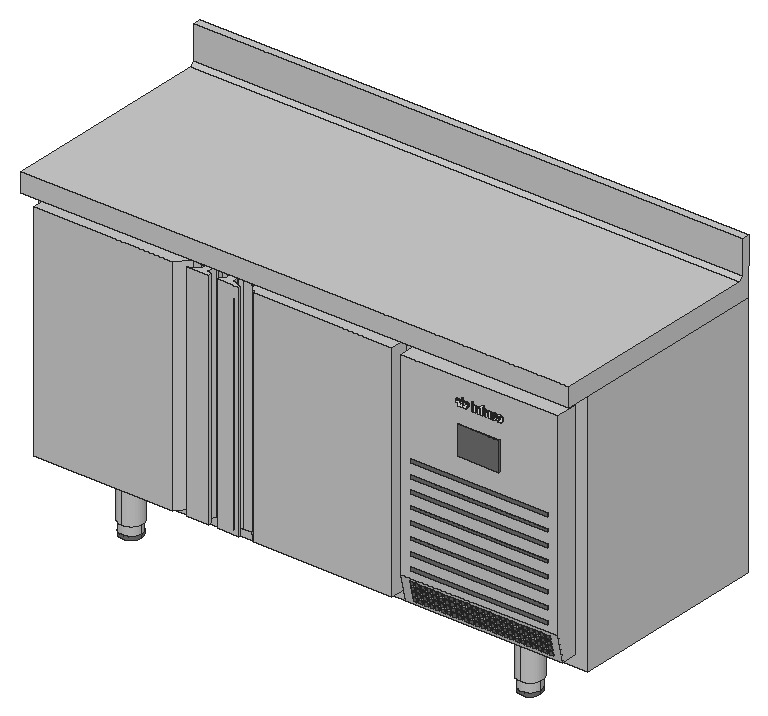
Revit family "QF_INFRICO_BMPP1500II_250808034103", category Specialty Equipment, Revit 2021 (continued)
Definition of nested family "QF_INFRICO_LEGS_7238"
  Forms (mm)
    Extrusion 11, solid
      sketch origin (1560, 0, 0) x (1, 0, 0) y (0, 1, 0)
        loop
          circle (424.986, -618) r 28.5
      from 0 to 9
    Sweep 12, solid
      path origin (2185, 0, 0) x (0, -1, 0) y (0, 0, 1)
        loop
          line (618, 35) -> (618, 137)
      profile origin (2185, -618, 86) x (0, 1, 0) y (-1, 0, 0)
        loop
          circle (0, 199.986) r 32
    Extrusion 13, solid
      sketch origin (1560, 500, 140) x (0, 1, 0) y (-1, 0, 0)
        loop
          line (-530, -379.986) -> (-630, -379.986) -> (-630, -469.986) -> (-530, -469.986) -> (-530, -379.986)
      from 0 to -3
    Extrusion 14, solid
      sketch origin (1560, 500, 0) x (1, 0, 0) y (0, 1, 0)
        loop
          circle (424.986, -580) r 28
      from 9 to 35
    Extrusion 15, solid
      sketch origin (1560, 500, 0) x (1, 0, 0) y (0, 1, 0)
        loop
          circle (424.986, -580) r 28.5
      from 0 to 9
    Sweep 16, solid
      path origin (2185, 0, 0) x (0, -1, 0) y (0, 0, 1)
        loop
          line (80, 35) -> (80, 137)
      profile origin (2185, -80, 86) x (0, 1, 0) y (-1, 0, 0)
        loop
          circle (0, 199.986) r 32
    Extrusion 17, solid, visible <- "CentralLegs"
      sketch origin (534.014, 0, 140) x (0, 1, 0) y (-1, 0, 0)
        loop
          line (-568, -513.486) -> (-668, -513.486) -> (-668, -603.486) -> (-568, -603.486) -> (-568, -513.486)
      from 0 to -3
    Extrusion 18, solid, visible <- "CentralLegs"
      sketch origin (534.014, 0, 0) x (1, 0, 0) y (0, 1, 0)
        loop
          circle (558.486, -618) r 28
      from 9 to 35
    Extrusion 19, solid, visible <- "CentralLegs"
      sketch origin (534.014, 0, 0) x (1, 0, 0) y (0, 1, 0)
        loop
          circle (558.486, -618) r 28.5
      from 0 to 9
    Sweep 20, solid, visible <- "CentralLegs"
      path origin (1092.5, 0, 0) x (0, -1, 0) y (0, 0, 1)
        loop
          line (618, 35) -> (618, 137)
      profile origin (1092.5, -618, 86) x (0, 1, 0) y (-1, 0, 0)
        loop
          circle (0, -0.014) r 32
    Extrusion 21, solid, visible <- "CentralLegs"
      sketch origin (534.014, 500, 140) x (0, 1, 0) y (-1, 0, 0)
        loop
          line (-530, -513.486) -> (-630, -513.486) -> (-630, -603.486) -> (-530, -603.486) -> (-530, -513.486)
      from 0 to -3
    Extrusion 22, solid, visible <- "CentralLegs"
      sketch origin (534.014, 500, 0) x (1, 0, 0) y (0, 1, 0)
        loop
          circle (558.486, -580) r 28
      from 9 to 35
    Extrusion 23, solid, visible <- "CentralLegs"
      sketch origin (534.014, 500, 0) x (1, 0, 0) y (0, 1, 0)
        loop
          circle (558.486, -580) r 28.5
      from 0 to 9
    Sweep 24, solid, visible <- "CentralLegs"
      path origin (1092.5, 0, 0) x (0, -1, 0) y (0, 0, 1)
        loop
          line (80, 35) -> (80, 137)
      profile origin (1092.5, -80, 86) x (0, 1, 0) y (-1, 0, 0)
        loop
          circle (0, -0.014) r 32
  Dimensions and locks
    "Length": plane 3 "Left" to plane 4 "Right"
    "Depth": plane 1 "Back" to plane 5 "Front"
    "Height": plane 6 "Top" to plane 2
    equal spacing: plane 3 "Left", plane 7 "Central", plane 4 "Right"
    locked: Sweep 20 sketch curve to profile plane at 0.014
    locked: Sweep 24 sketch curve to profile plane at 0.014
    aligned and locked: level to plane 2
  Automatic sketch dimensions
    plane 5 "Front" to Extrusion 1 sketch curve = 70 mm
    Extrusion 1 sketch curve to Extrusion 1 sketch curve = 100 mm
    plane 3 "Left" to Extrusion 1 sketch curve = 244.986 mm
    Extrusion 1 sketch curve to Extrusion 1 sketch curve = 90 mm
    plane 3 "Left" to Extrusion 2 sketch curve = 199.986 mm
    plane 5 "Front" to Extrusion 2 sketch curve = 120 mm
    plane 3 "Left" to Extrusion 3 sketch curve = 199.986 mm
    plane 5 "Front" to Extrusion 3 sketch curve = 120 mm
    Sweep 4 sketch curve to plane 6 "Top" = 3 mm
    plane 5 "Front" to Sweep 4 sketch curve = 120 mm
    level to Sweep 4 sketch curve = 35 mm
    Sweep 4 sketch curve to profile plane = 0 mm
    plane 3 "Left" to Sweep 4 sketch curve = 199.986 mm
    plane 1 "Back" to Extrusion 5 sketch curve = 130 mm
    plane 1 "Back" to Extrusion 5 sketch curve = 30 mm
    plane 3 "Left" to Extrusion 5 sketch curve = 244.986 mm
    Extrusion 5 sketch curve to Extrusion 5 sketch curve = 90 mm
    plane 1 "Back" to Extrusion 6 sketch curve = 80 mm
    plane 3 "Left" to Extrusion 6 sketch curve = 199.986 mm
    plane 1 "Back" to Extrusion 7 sketch curve = 80 mm
    plane 3 "Left" to Extrusion 7 sketch curve = 199.986 mm
    Sweep 8 sketch curve to plane 6 "Top" = 3 mm
    plane 1 "Back" to Sweep 8 sketch curve = 80 mm
    level to Sweep 8 sketch curve = 35 mm
    Sweep 8 sketch curve to profile plane = 0 mm
    plane 3 "Left" to Sweep 8 sketch curve = 199.986 mm
    plane 5 "Front" to Extrusion 9 sketch curve = 70 mm
    Extrusion 9 sketch curve to Extrusion 9 sketch curve = 100 mm
    plane 4 "Right" to Extrusion 9 sketch curve = 155.014 mm
    Extrusion 9 sketch curve to Extrusion 9 sketch curve = 90 mm
    plane 4 "Right" to Extrusion 10 sketch curve = 200.014 mm
    plane 5 "Front" to Extrusion 10 sketch curve = 120 mm
    plane 4 "Right" to Extrusion 11 sketch curve = 200.014 mm
    plane 5 "Front" to Extrusion 11 sketch curve = 120 mm
    Sweep 12 sketch curve to profile plane = 0 mm
    profile plane to Sweep 12 sketch curve = 199.986 mm
    plane 1 "Back" to Extrusion 13 sketch curve = 130 mm
    plane 1 "Back" to Extrusion 13 sketch curve = 30 mm
    plane 4 "Right" to Extrusion 13 sketch curve = 155.014 mm
    Extrusion 13 sketch curve to Extrusion 13 sketch curve = 90 mm
    plane 1 "Back" to Extrusion 14 sketch curve = 80 mm
    plane 4 "Right" to Extrusion 14 sketch curve = 200.014 mm
    plane 1 "Back" to Extrusion 15 sketch curve = 80 mm
    plane 4 "Right" to Extrusion 15 sketch curve = 200.014 mm
    Sweep 16 sketch curve to profile plane = 0 mm
    profile plane to Sweep 16 sketch curve = 199.986 mm
    plane 5 "Front" to Extrusion 17 sketch curve = 70 mm
    Extrusion 17 sketch curve to plane 7 "Central" = 45 mm
    Extrusion 17 sketch curve to Extrusion 17 sketch curve = 100 mm
    plane 7 "Central" to Extrusion 17 sketch curve = 45 mm
    Extrusion 18 sketch curve to plane 7 "Central" = 0 mm
    plane 5 "Front" to Extrusion 18 sketch curve = 120 mm
    Extrusion 19 sketch curve to plane 7 "Central" = 0 mm
    plane 5 "Front" to Extrusion 19 sketch curve = 120 mm
    Sweep 20 sketch curve to profile plane = 0 mm
    plane 7 "Central" to Extrusion 21 sketch curve = 45 mm
    plane 1 "Back" to Extrusion 21 sketch curve = 130 mm
    plane 1 "Back" to Extrusion 21 sketch curve = 30 mm
    Extrusion 21 sketch curve to plane 7 "Central" = 45 mm
    Extrusion 22 sketch curve to plane 7 "Central" = 0 mm
    plane 1 "Back" to Extrusion 22 sketch curve = 80 mm
    Extrusion 23 sketch curve to plane 7 "Central" = 0 mm
    plane 1 "Back" to Extrusion 23 sketch curve = 80 mm
    Sweep 24 sketch curve to profile plane = 0 mm
    Sweep 16 sketch curve to plane 6 "Top" = 3 mm
    plane 1 "Back" to Sweep 16 sketch curve = 80 mm
    level to Sweep 16 sketch curve = 35 mm
    Sweep 12 sketch curve to plane 6 "Top" = 3 mm
    plane 5 "Front" to Sweep 12 sketch curve = 120 mm
    level to Sweep 12 sketch curve = 35 mm
    Sweep 20 sketch curve to plane 6 "Top" = 3 mm
    plane 5 "Front" to Sweep 20 sketch curve = 120 mm
    level to Sweep 20 sketch curve = 35 mm
    Sweep 24 sketch curve to plane 6 "Top" = 3 mm
    plane 1 "Back" to Sweep 24 sketch curve = 80 mm
    level to Sweep 24 sketch curve = 35 mm
    radius of Extrusion 2 sketch curve = 28 mm
    radius of Extrusion 3 sketch curve = 28.5 mm
    radius of Sweep 4 sketch curve = 32 mm
    radius of Extrusion 6 sketch curve = 28 mm
    radius of Extrusion 7 sketch curve = 28.5 mm
    radius of Sweep 8 sketch curve = 32 mm
    radius of Extrusion 10 sketch curve = 28 mm
    radius of Extrusion 11 sketch curve = 28.5 mm
    radius of Sweep 12 sketch curve = 32 mm
    radius of Extrusion 14 sketch curve = 28 mm
    radius of Extrusion 15 sketch curve = 28.5 mm
    radius of Sweep 16 sketch curve = 32 mm
    radius of Extrusion 18 sketch curve = 28 mm
    radius of Extrusion 19 sketch curve = 28.5 mm
    radius of Sweep 20 sketch curve = 32 mm
    radius of Extrusion 22 sketch curve = 28 mm
    radius of Extrusion 23 sketch curve = 28.5 mm
    radius of Sweep 24 sketch curve = 32 mm
Definition of nested family "CONN_POINT_DRAIN_2D___Generic_Annotation"
  Parameters (values of type "CONN_POINT_DRAIN_2D___Generic_Annotation")
    Onboard connection annotation symbol visibility [instance] = yes
  Reference planes
    plane 1: y = 0
    plane 2: x = 0
  Lines and regions (mm)
    detail lines, visible <- "Onboard connection annotation symbol visibility"
      curve 1: circle (0, 0, 0) r 0.5 normal (0, 0, 1)
      curve 2: line (-1, 0, 0) -> (1, 0, 0)
      curve 3: line (0, 1, 0) -> (0, -1, 0)
      curve 4: line (1.776, 1, 0) -> (1.25, 1, 0)
      curve 5: line (1.25, 1, 0) -> (1.25, -1, 0)
      curve 6: line (1.25, -1, 0) -> (1.776, -1, 0)
      curve 7: arc (2.206, -0.862, 0) -> (2.459, -0.589, 0) -> (2.583, -0.238, 0) r 0.918
      curve 8: arc (2.583, 0.238, 0) -> (2.459, 0.589, 0) -> (2.206, 0.862, 0) r 0.918
      curve 9: arc (2.583, -0.238, 0) -> (2.599, 0, 0) -> (2.583, 0.238, 0) r 1.77
      curve 10: arc (2.206, 0.862, 0) -> (2.002, 0.965, 0) -> (1.776, 1, 0) r 0.741
      curve 11: arc (1.776, -1, 0) -> (2.002, -0.965, 0) -> (2.206, -0.862, 0) r 0.741
Definition of nested family "CONN_POINT_ELE_2D___Generic_Annotation"
  Parameters (values of type "CONN_POINT_ELE_2D___Generic_Annotation")
    Onboard connection annotation symbol visibility [instance] = yes
  Reference planes
    plane 1: y = 0
    plane 2: x = 0
  Lines and regions (mm)
    detail lines, visible <- "Onboard connection annotation symbol visibility"
      curve 1: circle (0, 0, 0) r 0.5 normal (0, 0, 1)
      curve 2: line (-1, 0, 0) -> (1, 0, 0)
      curve 3: line (0, 1, 0) -> (0, -1, 0)
      curve 4: line (2.5, 1, 0) -> (1.25, 1, 0)
      curve 5: line (1.25, 1, 0) -> (1.25, -1, 0)
      curve 6: line (1.25, -1, 0) -> (2.5, -1, 0)
      curve 7: line (1.25, 0, 0) -> (2, 0, 0)
